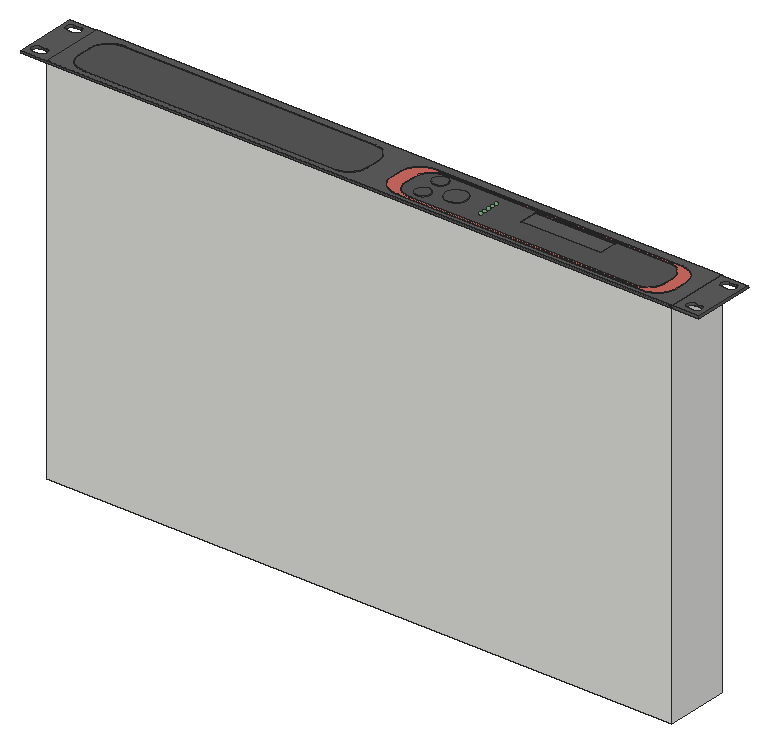
Revit family "Electronics_Fixed-Audio-DSP_Biamp_Tesira_TesiraFORTE_AVB-AI__", category Communication Devices, host Face, Revit 2020
Family settings
  Host = Face
  Maintain Annotation Orientation = No
  Round Connector Dimension = Use Diameter
  Part Type = Normal
  OmniClass Number = 23.85.10.11.11
  OmniClass Title = Sound and Signal Devices
  Cut with Voids When Loaded = No
  Shared = No
  Room Calculation Point = No
Parameters (values of type "AVB AI")
  Width = 19.00"  # constant formula
  Weight = 8.00 lbf  # constant formula
  Voltage = 120 V
  URL = "https://www.biamp.com/"
  Type 2 = yes
  Temperature Range = "32 - 104° F (0 - 40° C)"  # constant formula
  THD+N = "0dB gain, +4dBu input: < 0.006%; 54dB gain, -50dBu input: < 0.040%"  # constant formula
  Sampling Rate = "48kHz\r"  # constant formula
  Sample Rate = "USB 48kHz"  # constant formula
  Product data url = "https://www.bimobject.com/biamp/product/tesiraforte-avb-ai_fixed-audio-dsp"
  Product Page URL = "https://www.biamp.com/products/tesira-fixed-audio-dsp#tesiraforte-avb-ai"
  Product Documentation Link = "https://downloads.biamp.com/assets/docs/default-source/data-sheets/biamp_data_sheet_tesiraforte_avb_ai_oct20.pdf"
  Power Factor = 1
  Phantom Power = "+48VDC (7mA/input)\r"  # constant formula
  Output Impedance = "207 ohm"  # constant formula
  Number of Poles = 1
  Number of Channels = "up to 8"  # constant formula
  Maximum Output = "+24dBu, +18dBu, +12dBu, +6dBu, 0dBu, -31dBu"  # constant formula
  Maximum Input = "+24dBu"  # constant formula
  Max Power Consumption = 35 W
  Input Impedance = "8 kohm"  # constant formula
  Input Gain Range = "0-66dB"  # constant formula
  Humidity = "0-98% relative humidity (non-condensing)"  # constant formula
  Housing Material = Biamp - Metal - Silver
  Height = 1.75"  # constant formula
  Frequency Response = "20Hz to 20kHz, +4dBu output: +0.25 dB/-0.5 dB"  # constant formula
  EIN = "no weighting, 22Hz to 22kHz: < -125dBu"  # constant formula
  Dynamic Range = "22Hz to 22kHz, 0dB gain: > 108dB\r"  # constant formula
  Depth = 10.50"  # constant formula
  DAN/AVB = yes
  VoIP+Telephone Line = no
  Type1 = yes
  Model = "TesiraFORTÉ AVB AI"  # constant formula
  Manufacturer = "Biamp"  # constant formula
  Description = "TesiraFORTÉ® AVB AI Fixed I/O DSP"  # constant formula
  Default Elevation = 48.00"
  Cross Talk = "0dB gain, +4dBu input: < -85dB; 54dB gain, -50dBu input: < -75dB"  # constant formula
  Connector Description = "100-240VAC 50/60Hz"
  Compliance = "FCC Part 15B (USA), CE marked (Europe), UL und C-UL listed (USA and Canada), RCM (Australia), RoHS Directive (Europe)"  # constant formula
  Bit Depth = "16- or 24-bit"  # constant formula
  Assembly Code = ""
  Apparent Load = Max Power Consumption / Power Factor  # 35 VA
  Altitude = "0-6,600 ft (0-2000m) MSL"  # constant formula
  A/D - D/A Converters = "24-bit"  # constant formula
Reference planes (in)
  plane 1 "Center (Front/Back)": y = 0
  plane 2: z = 0
  plane 3 "Center (Left/Right)": x = 0
  plane 4: x = 18.35304
  plane 5: y = 0.60831
  plane 6: y = -0.59466
  plane 7: y = -0.86817
  plane 8: y = 0.88183
  plane 9: x = 18.67652
  plane 10: x = -0.32348
Forms (in)
  Extrusion 1, solid, material "Biamp - Plastic - Red", detail levels medium+fine
    sketch origin (9.17652, -0.86817, -5.18699) x (1, 0, 0) y (0, 1, 0)
      loop
        arc (0.91084, 1.51843) -> (0.52967, 1.36054) -> (0.37178, 0.97937) r 0.53906
        line (0.37178, 0.97937) -> (0.37178, 0.67022)
        arc (0.37178, 0.67022) -> (0.52998, 0.28829) -> (0.91192, 0.13009) r 0.54014
        line (0.91192, 0.13009) -> (7.81996, 0.13009)
        arc (7.81996, 0.13009) -> (8.20114, 0.28798) -> (8.35902, 0.66915) r 0.53906
        line (8.35902, 0.66915) -> (8.35902, 0.97937)
        arc (8.35902, 0.97937) -> (8.20114, 1.36054) -> (7.81996, 1.51843) r 0.53906
        line (7.81996, 1.51843) -> (0.91084, 1.51843)
      loop
        line (1.22622, 0.20126) -> (7.54738, 0.20126)
        arc (7.54738, 0.20126) -> (7.87547, 0.33716) -> (8.01138, 0.66526) r 0.464
        line (8.01138, 0.66526) -> (8.01138, 0.95126)
        arc (8.01138, 0.95126) -> (7.86493, 1.30482) -> (7.51138, 1.45126) r 0.5
        line (7.51138, 1.45126) -> (1.22622, 1.45126)
        arc (1.22622, 1.45126) -> (0.89753, 1.31511) -> (0.76138, 0.98642) r 0.46484
        line (0.76138, 0.98642) -> (0.76138, 0.66611)
        arc (0.76138, 0.66611) -> (0.89753, 0.33741) -> (1.22622, 0.20126) r 0.46484
    from 5.24135 to 5.25
  Extrusion 2, solid, material "Biamp - Metal - Black"
    sketch origin (9.17652, -0.86817, -5.18699) x (1, 0, 0) y (0, 1, 0)
      loop
        line (-9.5, 1.75) -> (-9.5, 0) -> (9.5, 0) -> (9.5, 1.75) -> (-9.5, 1.75)
    from 5.18699 to 5.24135
  Extrusion 3, void, detail levels medium+fine
    sketch origin (9.17652, -0.86817, -5.18699) x (1, 0, 0) y (0, 1, 0)
      loop
        arc (9.0994, 1.61097) -> (8.96492, 1.47649) -> (9.0994, 1.342) r 0.13448
        line (9.0994, 1.342) -> (9.25364, 1.342)
        arc (9.25364, 1.342) -> (9.38812, 1.47649) -> (9.25364, 1.61097) r 0.13448
        line (9.25364, 1.61097) -> (9.0994, 1.61097)
      loop
        arc (9.0994, 0.408) -> (8.96492, 0.27351) -> (9.0994, 0.13903) r 0.13448
        line (9.0994, 0.13903) -> (9.25364, 0.13903)
        arc (9.25364, 0.13903) -> (9.38812, 0.27351) -> (9.25364, 0.408) r 0.13448
        line (9.25364, 0.408) -> (9.0994, 0.408)
      loop
        arc (-9.25364, 1.61097) -> (-9.38812, 1.47649) -> (-9.25364, 1.342) r 0.13448
        line (-9.25364, 1.342) -> (-9.0994, 1.342)
        arc (-9.0994, 1.342) -> (-8.96492, 1.47649) -> (-9.0994, 1.61097) r 0.13448
        line (-9.0994, 1.61097) -> (-9.25364, 1.61097)
      loop
        arc (-9.25364, 0.408) -> (-9.38812, 0.27351) -> (-9.25364, 0.13903) r 0.13448
        line (-9.25364, 0.13903) -> (-9.0994, 0.13903)
        arc (-9.0994, 0.13903) -> (-8.96492, 0.27351) -> (-9.0994, 0.408) r 0.13448
        line (-9.0994, 0.408) -> (-9.25364, 0.408)
    from 5.18699 to 5.24135
  Extrusion 4, solid, material "Biamp - Glass - Gray", detail levels medium+fine
    sketch origin (9.17652, -0.86817, -5.18699) x (1, 0, 0) y (0, 1, 0)
      loop
        line (3.83453, 0.85955) -> (6.08453, 0.85955) -> (6.08453, 1.3833) -> (3.83453, 1.3833) -> (3.83453, 0.85955)
    from 5.24135 to 5.25
  Extrusion 5, solid, material "Biamp - Plastic - Black", detail levels medium+fine
    sketch origin (9.17652, -0.86817, -5.18699) x (1, 0, 0) y (0, 1, 0)
      loop
        arc (1.22622, 1.45126) -> (0.89753, 1.31511) -> (0.76138, 0.98642) r 0.46484
        line (0.76138, 0.98642) -> (0.76138, 0.66611)
        arc (0.76138, 0.66611) -> (0.89753, 0.33741) -> (1.22622, 0.20126) r 0.46484
        line (1.22622, 0.20126) -> (7.54738, 0.20126)
        arc (7.54738, 0.20126) -> (7.87547, 0.33716) -> (8.01138, 0.66526) r 0.464
        line (8.01138, 0.66526) -> (8.01138, 0.95126)
        arc (8.01138, 0.95126) -> (7.86493, 1.30482) -> (7.51138, 1.45126) r 0.5
        line (7.51138, 1.45126) -> (1.22622, 1.45126)
      loop
        line (3.83453, 0.85955) -> (6.08453, 0.85955) -> (6.08453, 1.3833) -> (3.83453, 1.3833) -> (3.83453, 0.85955)
    from 5.24135 to 5.24805
  Extrusion 6, solid, material "Biamp - Metal - Black", detail levels medium+fine
    sketch origin (9.17652, -0.86817, -5.18699) x (1, 0, 0) y (0, 1, 0)
      loop
        line (-8.75742, 1.75) -> (-8.75742, 0) -> (8.75742, 0) -> (8.75742, 1.75) -> (-8.75742, 1.75)
      loop
        line (8.35902, 0.66915) -> (8.35902, 0.97937)
        arc (8.35902, 0.97937) -> (8.20114, 1.36054) -> (7.81996, 1.51843) r 0.53906
        line (7.81996, 1.51843) -> (0.91084, 1.51843)
        arc (0.91084, 1.51843) -> (0.52967, 1.36054) -> (0.37178, 0.97937) r 0.53906
        line (0.37178, 0.97937) -> (0.37178, 0.67022)
        arc (0.37178, 0.67022) -> (0.52998, 0.28829) -> (0.91192, 0.13009) r 0.54014
        line (0.91192, 0.13009) -> (7.81996, 0.13009)
        arc (7.81996, 0.13009) -> (8.20114, 0.28798) -> (8.35902, 0.66915) r 0.53906
      loop
        line (-0.80003, 1.5425) -> (-7.86956, 1.5425)
        arc (-7.86956, 1.5425) -> (-8.22311, 1.39606) -> (-8.36956, 1.0425) r 0.5
        line (-8.36956, 1.0425) -> (-8.36956, 0.64195)
        arc (-8.36956, 0.64195) -> (-8.22311, 0.2884) -> (-7.86956, 0.14195) r 0.5
        line (-7.86956, 0.14195) -> (-0.80003, 0.14195)
        arc (-0.80003, 0.14195) -> (-0.44647, 0.2884) -> (-0.30003, 0.64195) r 0.5
        line (-0.30003, 0.64195) -> (-0.30003, 1.0425)
        arc (-0.30003, 1.0425) -> (-0.44647, 1.39606) -> (-0.80003, 1.5425) r 0.5
    from 5.24135 to 5.25
  Extrusion 7, solid, material "Biamp - Plastic - Black(Grid)", detail levels medium+fine
    sketch origin (9.17652, -0.86817, -5.18699) x (1, 0, 0) y (0, 1, 0)
      loop
        arc (-7.86956, 1.5425) -> (-8.22311, 1.39606) -> (-8.36956, 1.0425) r 0.5
        line (-8.36956, 1.0425) -> (-8.36956, 0.64195)
        arc (-8.36956, 0.64195) -> (-8.22311, 0.2884) -> (-7.86956, 0.14195) r 0.5
        line (-7.86956, 0.14195) -> (-0.80003, 0.14195)
        arc (-0.80003, 0.14195) -> (-0.44647, 0.2884) -> (-0.30003, 0.64195) r 0.5
        line (-0.30003, 0.64195) -> (-0.30003, 1.0425)
        arc (-0.30003, 1.0425) -> (-0.44647, 1.39606) -> (-0.80003, 1.5425) r 0.5
        line (-0.80003, 1.5425) -> (-7.86956, 1.5425)
    from 5.24135 to 5.25
  Extrusion 8, solid, material "Biamp - Metal - Silver" <- "Housing Material"
    sketch origin (9.17652, -0.86817, -5.18699) x (1, 0, 0) y (0, 0, -1)
      loop
        line (-8.75742, 5.25) -> (-8.75742, -5.18699) -> (8.75742, -5.18699) -> (8.75742, 5.25) -> (-8.75742, 5.25)
    from 0 to 1.75
  Extrusion 9, solid, material "Biamp - Metal - Silver" <- "Housing Material", visible <- "Type1"
    sketch origin (9.17652, -0.86817, -5.18699) x (1, 0, 0) y (0, 1, 0)
      loop
        line (6.99083, 1.52401) -> (6.99083, 0.59433) -> (8.24083, 0.59433) -> (8.24083, 1.52401) -> (6.99083, 1.52401)
      loop
        line (6.26249, 0.22588) -> (6.26249, 0.78659) -> (5.55775, 0.78659) -> (5.55775, 0.22588) -> (6.26249, 0.22588)
      loop
        line (3.15045, 0.26348) -> (3.23229, 0.72758) -> (2.37912, 0.72758) -> (2.46096, 0.26348) -> (3.15045, 0.26348)
      loop
        line (1.96267, 0.22749) -> (1.96267, 0.70184) -> (1.42474, 0.70184) -> (1.42474, 0.22749) -> (1.96267, 0.22749)
      loop
        line (0.16865, 0.53988) -> (-0.7835, 0.53988) -> (-0.7835, 0.22373) -> (0.16865, 0.22373) -> (0.16865, 0.53988)
      loop
        line (-4.9886, 1.33802) -> (-5.65288, 1.33802) -> (-5.65288, 0.88089) -> (-4.9886, 0.88089) -> (-4.9886, 1.33802)
      loop
        line (-5.96289, 1.33802) -> (-6.62717, 1.33802) -> (-6.62717, 0.88089) -> (-5.96289, 0.88089) -> (-5.96289, 1.33802)
      loop
        line (-6.93718, 1.33802) -> (-7.60145, 1.33802) -> (-7.60145, 0.88089) -> (-6.93718, 0.88089) -> (-6.93718, 1.33802)
      loop
        line (-7.91147, 1.33802) -> (-8.57574, 1.33802) -> (-8.57574, 0.88089) -> (-7.91147, 0.88089) -> (-7.91147, 1.33802)
      loop
        line (-5.65288, 0.68086) -> (-5.65288, 0.22373) -> (-4.9886, 0.22373) -> (-4.9886, 0.68086) -> (-5.65288, 0.68086)
      loop
        line (-5.96289, 0.68086) -> (-6.62717, 0.68086) -> (-6.62717, 0.22373) -> (-5.96289, 0.22373) -> (-5.96289, 0.68086)
      loop
        line (-6.93718, 0.22373) -> (-6.93718, 0.68086) -> (-7.60145, 0.68086) -> (-7.60145, 0.22373) -> (-6.93718, 0.22373)
      loop
        line (-7.91147, 0.22373) -> (-7.91147, 0.68086) -> (-8.57574, 0.68086) -> (-8.57574, 0.22373) -> (-7.91147, 0.22373)
    from -5.26366 to -5.25
  Extrusion 10, solid, material "Biamp - Metal - Silver" <- "Housing Material", visible <- "DAN/AVB"
    sketch origin (9.17652, -0.86817, -5.18699) x (1, 0, 0) y (0, 1, 0)
      loop
        line (5.02811, 0.22588) -> (5.02811, 0.78659) -> (4.32337, 0.78659) -> (4.32337, 0.22588) -> (5.02811, 0.22588)
    from -5.26366 to -5.25
  Extrusion 11, solid, material "Biamp - Metal - Silver" <- "Housing Material", visible <- "Type 2"
    sketch origin (9.17652, -0.86817, -5.18699) x (1, 0, 0) y (0, 1, 0)
      loop
        line (2.80571, 1.33802) -> (2.14143, 1.33802) -> (2.14143, 0.88089) -> (2.80571, 0.88089) -> (2.80571, 1.33802)
      loop
        line (1.83142, 1.33802) -> (1.16714, 1.33802) -> (1.16714, 0.88089) -> (1.83142, 0.88089) -> (1.83142, 1.33802)
      loop
        line (0.85713, 0.88089) -> (0.85713, 1.33802) -> (0.19286, 1.33802) -> (0.19286, 0.88089) -> (0.85713, 0.88089)
      loop
        line (-0.11716, 1.33802) -> (-0.78143, 1.33802) -> (-0.78143, 0.88089) -> (-0.11716, 0.88089) -> (-0.11716, 1.33802)
      loop
        line (-1.09145, 1.33802) -> (-1.75572, 1.33802) -> (-1.75572, 0.88089) -> (-1.09145, 0.88089) -> (-1.09145, 1.33802)
      loop
        line (-2.06574, 0.88089) -> (-2.06574, 1.33802) -> (-2.73001, 1.33802) -> (-2.73001, 0.88089) -> (-2.06574, 0.88089)
      loop
        line (-3.04003, 0.88089) -> (-3.04003, 1.33802) -> (-3.7043, 1.33802) -> (-3.7043, 0.88089) -> (-3.04003, 0.88089)
      loop
        line (-3.04003, 0.68086) -> (-3.7043, 0.68086) -> (-3.7043, 0.22373) -> (-3.04003, 0.22373) -> (-3.04003, 0.68086)
      loop
        line (-4.01432, 0.22373) -> (-4.01432, 0.68086) -> (-4.67859, 0.68086) -> (-4.67859, 0.22373) -> (-4.01432, 0.22373)
      loop
        line (-4.67859, 0.88089) -> (-4.01432, 0.88089) -> (-4.01432, 1.33802) -> (-4.67859, 1.33802) -> (-4.67859, 0.88089)
      loop
        line (-2.73001, 0.68086) -> (-2.73001, 0.22373) -> (-2.06574, 0.22373) -> (-2.06574, 0.68086) -> (-2.73001, 0.68086)
      loop
        line (-1.75572, 0.68086) -> (-1.75572, 0.22373) -> (-1.09145, 0.22373) -> (-1.09145, 0.68086) -> (-1.75572, 0.68086)
    from -5.26366 to -5.25
  Extrusion 12, solid, material "Biamp - Plastic - Black", detail levels fine
    sketch origin (0, 0, 0) x (1, 0, 0) y (0, 1, 0)
      loop
        circle (10.50753, 0.30721) r 0.2
      loop
        circle (10.50753, -0.30721) r 0.2
      loop
        circle (11.19836, 0) r 0.29
    from 0 to 0.06301
  Revolve 13, solid, material "Biamp - Plastic - Green", detail levels fine
    sketch origin (12.10249, -1.02037, -5.09642) x (0, 1, 0) y (0, 0, 1)
      loop
        arc (1.33717, 5.15748) -> (1.29771, 5.19694) -> (1.25824, 5.15748) r 0.03946
        line (1.25824, 5.15748) -> (1.33717, 5.15748)
      loop
        arc (1.19785, 5.15748) -> (1.15839, 5.19694) -> (1.11892, 5.15748) r 0.03946
        line (1.11892, 5.15748) -> (1.19785, 5.15748)
      loop
        arc (1.05983, 5.15748) -> (1.02037, 5.19694) -> (0.9809, 5.15748) r 0.03946
        line (0.9809, 5.15748) -> (1.05983, 5.15748)
      loop
        arc (0.92095, 5.15748) -> (0.88149, 5.19694) -> (0.84202, 5.15748) r 0.03946
        line (0.84202, 5.15748) -> (0.92095, 5.15748)
      loop
        arc (0.78497, 5.15748) -> (0.7455, 5.19694) -> (0.70604, 5.15748) r 0.03946
        line (0.70604, 5.15748) -> (0.78497, 5.15748)
      axis (1.33717, 5.15748) -> (0.70604, 5.15748)
    angle from 270 to 450
Cuts and joins
  Extrusion 3 cuts Extrusion 2
Lines and regions (in)
  Masking region 1
    outline origin (0, 0, 0) x (1, 0, 0) y (0, 0, 1)
      loop
        line (-0.32348, 0) -> (0.4191, 0) -> (0.4191, -10.43699) -> (17.93394, -10.43699) -> (17.93394, 0) -> (18.67652, 0) -> (18.67652, 0.06301) -> (-0.32348, 0.06301) -> (-0.32348, 0)
  symbolic lines
    curve 1: line (-0.32348, 0, 0) -> (18.67652, 0, 0)
Dimensions and locks (in)
  aligned and locked: plane 2 to host face
  aligned and locked: level to host face
Connectors (in)
  electrical at (16.79235, 0.191, -10.45064), driven by "Number of Poles", driven by "Voltage", driven by "Apparent Load", driven by "Power Factor", driven by "Connector Description"
    settings: on Extrusion 9, index 1, voltage 120 V, apparent load 0 VA, apparent load phase1 35 VA, apparent load phase2 0 VA, apparent load phase3 0 VA, power factor 1, load classification "Other", number of poles 1, system type 31, power factor state 1, is connector primary yes, connector utility no, sub classification motor no, connector description "100-240VAC 50/60Hz"
  electrical at (15.08664, -0.36194, -10.45064)
    settings: on Extrusion 9, index 2, voltage 0 V, apparent load 0 VA, apparent load phase1 0 VA, apparent load phase2 0 VA, apparent load phase3 0 VA, power factor 1, load classification "Other", number of poles 1, system type 5, power factor state 1, is connector primary no, connector utility no, sub classification motor no, connector description "RJ-45; Network control connector"
  electrical at (13.85226, -0.36194, -10.45064)
    settings: on Extrusion 10, index 3, voltage 0 V, apparent load 0 VA, apparent load phase1 0 VA, apparent load phase2 0 VA, apparent load phase3 0 VA, power factor 1, load classification "Other", number of poles 1, system type 5, power factor state 1, is connector primary no, connector utility no, sub classification motor no, connector description "RJ-45; AVB"
  electrical at (11.98222, -0.37264, -10.45064)
    settings: on Extrusion 9, index 4, voltage 0 V, apparent load 0 VA, apparent load phase1 0 VA, apparent load phase2 0 VA, apparent load phase3 0 VA, power factor 1, load classification "Other", number of poles 1, system type 5, power factor state 1, is connector primary no, connector utility no, sub classification motor no, connector description "RS-232; Serial Port"
  electrical at (11.65009, 0.24129, -10.45064)
    settings: on Extrusion 11, index 5, voltage 0 V, apparent load 0 VA, apparent load phase1 0 VA, apparent load phase2 0 VA, apparent load phase3 0 VA, power factor 1, load classification "Other", number of poles 1, system type 5, power factor state 1, is connector primary no, connector utility no, sub classification motor no, connector description "Analog Input"
  electrical at (10.6758, 0.24129, -10.45064)
    settings: on Extrusion 11, index 6, voltage 0 V, apparent load 0 VA, apparent load phase1 0 VA, apparent load phase2 0 VA, apparent load phase3 0 VA, power factor 1, load classification "Other", number of poles 1, system type 5, power factor state 1, is connector primary no, connector utility no, sub classification motor no, connector description "Analog Input"
  electrical at (9.70151, 0.24129, -10.45064)
    settings: on Extrusion 11, index 7, voltage 0 V, apparent load 0 VA, apparent load phase1 0 VA, apparent load phase2 0 VA, apparent load phase3 0 VA, power factor 1, load classification "Other", number of poles 1, system type 5, power factor state 1, is connector primary no, connector utility no, sub classification motor no, connector description "Analog Input"
  electrical at (8.72722, 0.24129, -10.45064)
    settings: on Extrusion 11, index 8, voltage 0 V, apparent load 0 VA, apparent load phase1 0 VA, apparent load phase2 0 VA, apparent load phase3 0 VA, power factor 1, load classification "Other", number of poles 1, system type 5, power factor state 1, is connector primary no, connector utility no, sub classification motor no, connector description "Analog Input"
  electrical at (7.75293, 0.24129, -10.45064)
    settings: on Extrusion 11, index 9, voltage 0 V, apparent load 0 VA, apparent load phase1 0 VA, apparent load phase2 0 VA, apparent load phase3 0 VA, power factor 1, load classification "Other", number of poles 1, system type 5, power factor state 1, is connector primary no, connector utility no, sub classification motor no, connector description "Analog Input"
  electrical at (6.77864, 0.24129, -10.45064)
    settings: on Extrusion 11, index 10, voltage 0 V, apparent load 0 VA, apparent load phase1 0 VA, apparent load phase2 0 VA, apparent load phase3 0 VA, power factor 1, load classification "Other", number of poles 1, system type 5, power factor state 1, is connector primary no, connector utility no, sub classification motor no, connector description "Analog Input"
  electrical at (5.80436, 0.24129, -10.45064)
    settings: on Extrusion 11, index 11, voltage 0 V, apparent load 0 VA, apparent load phase1 0 VA, apparent load phase2 0 VA, apparent load phase3 0 VA, power factor 1, load classification "Other", number of poles 1, system type 5, power factor state 1, is connector primary no, connector utility no, sub classification motor no, connector description "Analog Input"
  electrical at (4.83007, 0.24129, -10.45064)
    settings: on Extrusion 11, index 12, voltage 0 V, apparent load 0 VA, apparent load phase1 0 VA, apparent load phase2 0 VA, apparent load phase3 0 VA, power factor 1, load classification "Other", number of poles 1, system type 5, power factor state 1, is connector primary no, connector utility no, sub classification motor no, connector description "Analog Input"
  electrical at (3.85578, 0.24129, -10.45064)
    settings: on Extrusion 9, index 13, voltage 0 V, apparent load 0 VA, apparent load phase1 0 VA, apparent load phase2 0 VA, apparent load phase3 0 VA, power factor 1, load classification "Other", number of poles 1, system type 5, power factor state 1, is connector primary no, connector utility no, sub classification motor no, connector description "Analog Input"
  electrical at (2.88149, 0.24129, -10.45064)
    settings: on Extrusion 9, index 14, voltage 0 V, apparent load 0 VA, apparent load phase1 0 VA, apparent load phase2 0 VA, apparent load phase3 0 VA, power factor 1, load classification "Other", number of poles 1, system type 5, power factor state 1, is connector primary no, connector utility no, sub classification motor no, connector description "Analog Input"
  electrical at (1.9072, 0.24129, -10.45064)
    settings: on Extrusion 9, index 15, voltage 0 V, apparent load 0 VA, apparent load phase1 0 VA, apparent load phase2 0 VA, apparent load phase3 0 VA, power factor 1, load classification "Other", number of poles 1, system type 5, power factor state 1, is connector primary no, connector utility no, sub classification motor no, connector description "Analog Input"
  electrical at (0.93291, 0.24129, -10.45064)
    settings: on Extrusion 9, index 16, voltage 0 V, apparent load 0 VA, apparent load phase1 0 VA, apparent load phase2 0 VA, apparent load phase3 0 VA, power factor 1, load classification "Other", number of poles 1, system type 5, power factor state 1, is connector primary no, connector utility no, sub classification motor no, connector description "Analog Input"
  electrical at (0.93291, -0.41588, -10.45064)
    settings: on Extrusion 9, index 17, voltage 0 V, apparent load 0 VA, apparent load phase1 0 VA, apparent load phase2 0 VA, apparent load phase3 0 VA, power factor 1, load classification "Other", number of poles 1, system type 5, power factor state 1, is connector primary no, connector utility no, sub classification motor no, connector description "Analog Output"
  electrical at (1.9072, -0.41588, -10.45064)
    settings: on Extrusion 9, index 18, voltage 0 V, apparent load 0 VA, apparent load phase1 0 VA, apparent load phase2 0 VA, apparent load phase3 0 VA, power factor 1, load classification "Other", number of poles 1, system type 5, power factor state 1, is connector primary no, connector utility no, sub classification motor no, connector description "Analog Output"
  electrical at (2.88149, -0.41588, -10.45064)
    settings: on Extrusion 9, index 19, voltage 0 V, apparent load 0 VA, apparent load phase1 0 VA, apparent load phase2 0 VA, apparent load phase3 0 VA, power factor 1, load classification "Other", number of poles 1, system type 5, power factor state 1, is connector primary no, connector utility no, sub classification motor no, connector description "Analog Output"
  electrical at (3.85578, -0.41588, -10.45064)
    settings: on Extrusion 9, index 20, voltage 0 V, apparent load 0 VA, apparent load phase1 0 VA, apparent load phase2 0 VA, apparent load phase3 0 VA, power factor 1, load classification "Other", number of poles 1, system type 5, power factor state 1, is connector primary no, connector utility no, sub classification motor no, connector description "Analog Output"
  electrical at (4.83007, -0.41588, -10.45064)
    settings: on Extrusion 11, index 21, voltage 0 V, apparent load 0 VA, apparent load phase1 0 VA, apparent load phase2 0 VA, apparent load phase3 0 VA, power factor 1, load classification "Other", number of poles 1, system type 5, power factor state 1, is connector primary no, connector utility no, sub classification motor no, connector description "Analog Output"
  electrical at (5.80436, -0.41588, -10.45064)
    settings: on Extrusion 11, index 22, voltage 0 V, apparent load 0 VA, apparent load phase1 0 VA, apparent load phase2 0 VA, apparent load phase3 0 VA, power factor 1, load classification "Other", number of poles 1, system type 5, power factor state 1, is connector primary no, connector utility no, sub classification motor no, connector description "Analog Output"
  electrical at (6.77864, -0.41588, -10.45064)
    settings: on Extrusion 11, index 23, voltage 0 V, apparent load 0 VA, apparent load phase1 0 VA, apparent load phase2 0 VA, apparent load phase3 0 VA, power factor 1, load classification "Other", number of poles 1, system type 5, power factor state 1, is connector primary no, connector utility no, sub classification motor no, connector description "Analog Output"
  electrical at (7.75293, -0.41588, -10.45064)
    settings: on Extrusion 11, index 24, voltage 0 V, apparent load 0 VA, apparent load phase1 0 VA, apparent load phase2 0 VA, apparent load phase3 0 VA, power factor 1, load classification "Other", number of poles 1, system type 5, power factor state 1, is connector primary no, connector utility no, sub classification motor no, connector description "Analog Output"
  electrical at (8.8691, -0.48637, -10.45064)
    settings: on Extrusion 9, index 25, voltage 0 V, apparent load 0 VA, apparent load phase1 0 VA, apparent load phase2 0 VA, apparent load phase3 0 VA, power factor 1, load classification "Other", number of poles 1, system type 5, power factor state 1, is connector primary no, connector utility no, sub classification motor no, connector description "GPIO; Logic I/O"
  electrical at (10.87022, -0.4035, -10.45064)
    settings: on Extrusion 9, index 26, voltage 0 V, apparent load 0 VA, apparent load phase1 0 VA, apparent load phase2 0 VA, apparent load phase3 0 VA, power factor 1, load classification "Other", number of poles 1, system type 5, power factor state 1, is connector primary no, connector utility no, sub classification motor no, connector description "USB"
